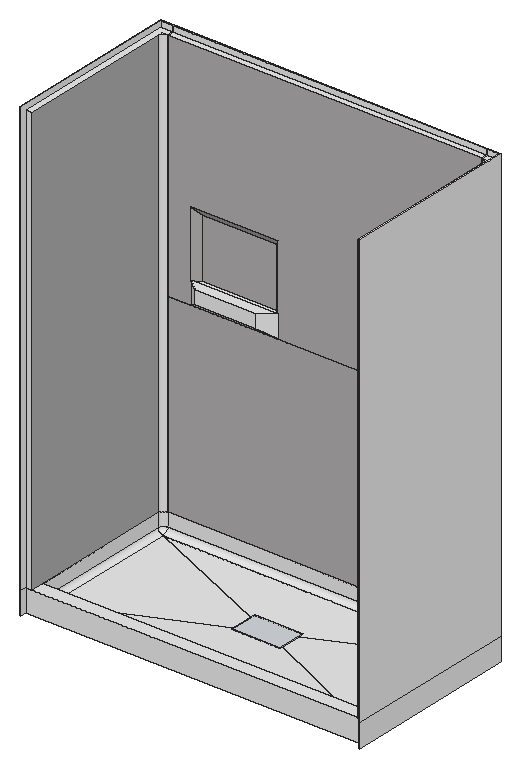
Revit family "5LRS6030SQ.V2", category Plumbing Fixtures, Revit 2019
Family settings
  Round Connector Dimension = Use Diameter
  Part Type = Normal
  OmniClass Number = 23.45.05.14.17
  OmniClass Title = Showers
  Work Plane-Based = No
  Always vertical = Yes
  Cut with Voids When Loaded = No
  Shared = No
  Room Calculation Point = No
Parameters (values of type "5LRS6030SQ.V2")
  Unit Width = 60"
  Unit Height = 80 1/2"
  Unit Depth = 31"
  URL = "http://www.bestbath.com/"
  Type Comments = "Remodeler"
  Model = "5LRS6030SQ.V2"
  Material [instance] = Best Bath Gelcoat Fiberglass - Diamond Tile
  Manufacturer = "Best Bath Systems, Inc."
  Keynote = "22 40 00.B3"
  Description = "Real Tile Finish"
  Assembly Code = "D2010710"
Reference planes (in)
  plane 1 "Back": y = -0.5
  plane 2: z = 0
  plane 3 "Left": x = 0
  plane 4: x = 60
  plane 5: y = -30.5
  plane 6: z = 79.5
  plane 7: z = 0.75
  plane 8: z = 80.5
  plane 9: x = 30
  plane 10: y = -1.75
  plane 11: y = -14.5
  plane 12: z = 0.375
  plane 13: z = 4
  plane 14: z = 38.25
  plane 15: y = -31.5
  plane 16: z = 42.25
Forms (in)
  Extrusion 1, solid, material "Best Bath Gelcoat Fiberglass - Smooth"
    sketch origin (0, 0, 0) x (1, 0, 0) y (0, 1, 0)
      loop
        line (0, -0.5) -> (0, -30.5) -> (60, -30.5) -> (60, -0.5) -> (0, -0.5)
    from 0 to 0.75
  Extrusion 2, solid, material "Best Bath Gelcoat Fiberglass - Smooth"
    sketch origin (0, 0, 0) x (1, 0, 0) y (0, 1, 0)
      loop
        line (1.25, -0.5) -> (1.25, -1.75) -> (57.75, -1.75) -> (57.75, -0.5) -> (1.25, -0.5)
    from 4 to 38.25
  Extrusion 3, solid, material "Best Bath Gelcoat Fiberglass - Smooth"
    sketch origin (0, 0, 0) x (1, 0, 0) y (0, 1, 0)
      loop
        line (0, -30.5) -> (1.25, -30.5) -> (1.25, -2.75)
        arc (1.25, -2.75) -> (1.54289, -2.04289) -> (2.25, -1.75) r 1
        line (2.25, -1.75) -> (57.75, -1.75)
        arc (57.75, -1.75) -> (58.45711, -2.04289) -> (58.75, -2.75) r 1
        line (58.75, -2.75) -> (58.75, -30.5) -> (60, -30.5) -> (60, -0.5) -> (0, -0.5) -> (0, -30.5)
    from 0 to 4
  Extrusion 4, solid, material "Best Bath Gelcoat Fiberglass - Smooth"
    sketch origin (0, 0, 0) x (1, 0, 0) y (0, 1, 0)
      loop
        line (0, -30.5) -> (1.25, -30.5) -> (1.25, -2.75)
        arc (1.25, -2.75) -> (1.54289, -2.04289) -> (2.25, -1.75) r 1
        line (2.25, -1.75) -> (2.25, -0.5) -> (0, -0.5) -> (0, -30.5)
      loop
        line (58.75, -30.5) -> (60, -30.5) -> (60, -0.5) -> (57.75, -0.5) -> (57.75, -1.75)
        arc (57.75, -1.75) -> (58.45711, -2.04289) -> (58.75, -2.75) r 1
        line (58.75, -2.75) -> (58.75, -30.5)
    from 4 to 79.5
  Sweep 5, solid, material "Best Bath Gelcoat Fiberglass - Smooth"
    path origin (0, 0, 0) x (1, 0, 0) y (0, 1, 0)
      loop
        line (1.25, -30.5) -> (1.25, -2.75)
        arc (1.25, -2.75) -> (1.54289, -2.04289) -> (2.25, -1.75) r 1
        line (2.25, -1.75) -> (57.75, -1.75)
        arc (57.75, -1.75) -> (58.45711, -2.04289) -> (58.75, -2.75) r 1
        line (58.75, -2.75) -> (58.75, -30.5)
    profile origin (1.25, -16.625, 0) x (-1, 0, 0) y (0, 0, 1)
      loop
        line (0, 0.75) -> (0, 1.7)
        arc (0, 1.7) -> (-0.27825, 1.02825) -> (-0.95, 0.75) r 0.95
        line (-0.95, 0.75) -> (0, 0.75)
  Blend 6, void
    base sketch origin (0, 0, 0) x (1, 0, 0) y (0, 1, 0)
      loop
        line (2.25, -27.5) -> (57.75, -27.5) -> (57.75, -2.75) -> (2.25, -2.75) -> (2.25, -27.5)
    top sketch origin (0, 0, 0) x (1, 0, 0) y (0, 1, 0)
      loop
        circle (30, -14.5) r 0.07155
    from 0.75 to 0.375
  Extrusion 7, solid, material "Best Bath Gelcoat Fiberglass - Smooth"
    sketch origin (0, 0, 0) x (1, 0, 0) y (0, 1, 0)
      loop
        line (1.25, -0.5) -> (1.25, -1.75) -> (57.75, -1.75) -> (57.75, -0.5) -> (1.25, -0.5)
    from 38.25 to 79.5
  Sweep 8, solid, material "Best Bath Gelcoat Fiberglass - Smooth"
    path origin (0, 0, 0) x (1, 0, 0) y (0, 1, 0)
      loop
        line (1.25, -30.5) -> (58.75, -30.5)
    profile origin (30, -30.5, 0) x (0, 1, 0) y (0, 0, 1)
      loop
        line (0, 0) -> (3.15, 0) -> (2.35, 4) -> (0, 4) -> (0, 0)
  Extrusion 9, solid, material "Best Bath Gelcoat Fiberglass - Smooth"
    sketch origin (0, 0, 0) x (1, 0, 0) y (0, 1, 0)
      loop
        line (0, -30.5) -> (0, -31.5) -> (0.125, -31.5) -> (0.125, -30.5) -> (0, -30.5)
      loop
        line (60, -30.5) -> (59.875, -30.5) -> (59.875, -31.5) -> (60, -31.5) -> (60, -30.5)
    from 0 to 4
  Extrusion 10, solid, material "Best Bath Gelcoat Fiberglass - Smooth"
    sketch origin (0, 0, 0) x (1, 0, 0) y (0, 1, 0)
      loop
        line (2.25, -0.5) -> (2.25, -0.625) -> (57.75, -0.625) -> (57.75, -0.5) -> (2.25, -0.5)
    from 79.5 to 80.5
  Extrusion 11, solid, material "Best Bath Gelcoat Fiberglass - Smooth"
    sketch origin (0, 0, 0) x (1, 0, 0) y (0, 1, 0)
      loop
        line (0, -31.5) -> (0.125, -31.5) -> (0.125, -0.625) -> (2.25, -0.625) -> (2.25, -0.5) -> (0, -0.5) -> (0, -31.5)
      loop
        line (60, -31.5) -> (60, -0.5) -> (57.75, -0.5) -> (57.75, -0.625) -> (59.875, -0.625) -> (59.875, -31.5) -> (60, -31.5)
    from 4 to 80.5
  Blend 12, void
    base sketch origin (59.5, -38.5, 0.25) x (-1, 0, 0) y (0, 0, -1)
      loop
        line (37.75, -41.75) -> (37.75, -53.5) -> (53.25, -53.5) -> (53.25, -41.75) -> (37.75, -41.75)
    top sketch origin (59.5, -38.5, 0.25) x (-1, 0, 0) y (0, 0, -1)
      loop
        line (39, -41.75) -> (39, -52.25) -> (52, -52.25) -> (52, -41.75) -> (39, -41.75)
    from -36.75 to -37.75
  Blend 13, solid, material "Best Bath Gelcoat Fiberglass - Smooth"
    base sketch origin (59.5, -38, 0.5) x (-1, 0, 0) y (0, 0, -1)
      loop
        line (53.25, -41.75) -> (53.25, -37.75) -> (37.75, -37.75) -> (37.75, -41.75) -> (53.25, -41.75)
    top sketch origin (59.5, -38, 0.5) x (-1, 0, 0) y (0, 0, -1)
      loop
        line (40.125, -41.75) -> (50.875, -41.75) -> (50.875, -39.375) -> (40.125, -39.375) -> (40.125, -41.75)
    from -36.25 to -34.25
  Blend 14, void
    base sketch origin (0.5, -38.5, 0.25) x (1, 0, 0) y (0, 0, 1)
      loop
        line (37.75, 41.75) -> (53.25, 41.75) -> (53.25, 53.5) -> (37.75, 53.5) -> (37.75, 41.75)
    top sketch origin (0.5, -38.5, 0.25) x (1, 0, 0) y (0, 0, 1)
      loop
        line (39, 41.75) -> (52, 41.75) -> (52, 52.25) -> (39, 52.25) -> (39, 41.75)
    from -36.75 to -37.75
  Blend 15, solid, material "Best Bath Gelcoat Fiberglass - Smooth"
    base sketch origin (0.5, -38, 0.5) x (1, 0, 0) y (0, 0, 1)
      loop
        line (53.25, 41.75) -> (37.75, 41.75) -> (37.75, 37.75) -> (53.25, 37.75) -> (53.25, 41.75)
    top sketch origin (0.5, -38, 0.5) x (1, 0, 0) y (0, 0, 1)
      loop
        line (40.125, 41.75) -> (40.125, 39.375) -> (50.875, 39.375) -> (50.875, 41.75) -> (40.125, 41.75)
    from -36.25 to -34.25
  Extrusion 16, void
    sketch origin (0, 0, 0.75) x (0, 1, 0) y (1, 0, 0)
      loop
        line (-12, 25.75) -> (-12, 34.25) -> (-17, 34.25) -> (-17, 25.75) -> (-12, 25.75)
    from 0 to 0.5
  Extrusion 17, void
    sketch origin (0, 0, 0.75) x (0, 1, 0) y (1, 0, 0)
      loop
        circle (-14.5, 30) r 1.25
    from 0 to 1
  Extrusion 18, solid
    sketch origin (0, 0, 0.25) x (0, 1, 0) y (-1, 0, 0)
      loop
        line (-12, -25.75) -> (-17, -25.75) -> (-17, -34.25) -> (-12, -34.25) -> (-12, -25.75)
    from 0 to 0.25
Cuts and joins
  Blend 6, Extrusion 16, Extrusion 17 cuts Extrusion 1
  Blend 6, Extrusion 16, Extrusion 17 cuts Extrusion 3
  Blend 6, Extrusion 16, Extrusion 17 cuts Sweep 5
  Extrusion 16, Extrusion 17 cuts Sweep 8
  Extrusion 16, Extrusion 17 cuts Extrusion 9
  joined: Extrusion 1, Extrusion 3, Sweep 5, Sweep 8, Extrusion 9
  Blend 12, Blend 14 cuts Extrusion 7
  Blend 12, Blend 14 cuts Extrusion 10
  Blend 14 cuts Blend 13
  joined: Extrusion 7, Extrusion 10, Blend 13
  joined: Extrusion 4, Extrusion 11
Dimensions and locks (in)
  "Unit Width": plane 3 "Left" to plane 4
  locked: plane 7 to level at 0.75
  locked: plane 8 to plane 6 at 1
  "Unit Height": plane 8 to level
  plane 3 "Left" to plane 9 to plane 4 = 30", 30"
  locked: plane 1 "Back" to plane 11 at 14
  plane 10 to plane 1 "Back" = 1 1/4"
  locked: plane 7 to plane 12 at 0.375
  locked: plane 14 to plane 13 at 34.25
  locked: plane 13 to level at 4
  locked: plane 5 to plane 15 at 1
  "Unit Depth": plane 15 to plane 1 "Back"
  locked: plane 16 to plane 13 at 38.25
  aligned and locked: level to plane 2
  aligned and locked: Extrusion 1 to plane 7
  aligned and locked: plane 5 to Extrusion 1 sketch curve
  aligned and locked: plane 4 to Extrusion 1 sketch curve
  aligned and locked: Extrusion 2 sketch curve to Extrusion 1
  aligned and locked: Extrusion 2 sketch curve to plane 10
  aligned and locked: plane 13 to Extrusion 3
  aligned and locked: Extrusion 2 to plane 13
  aligned and locked: Extrusion 4 to Extrusion 2
  aligned and locked: plane 6 to Extrusion 4
  aligned and locked: Sweep 5 sketch curve to plane 7
  aligned and locked: plane 11 to Blend 6 sketch curve
  aligned and locked: plane 9 to Blend 6 sketch curve
  aligned and locked: Blend 6 to plane 12
  aligned and locked: Extrusion 1 to Blend 6
  aligned and locked: plane 14 to Extrusion 2
  aligned and locked: Extrusion 7 to Extrusion 2  (x2)
  aligned and locked: plane 6 to Extrusion 7
  aligned and locked: Extrusion 9 to Extrusion 2
  aligned and locked: plane 8 to Extrusion 10
  aligned and locked: Extrusion 10 to plane 6
  aligned and locked: Extrusion 11 to Extrusion 2
  aligned and locked: plane 8 to Extrusion 11
  aligned and locked: Extrusion 7 to cut or joined group of Extrusion 1, Extrusion 3, Sweep 5, Blend 6, Sweep 8, Extrusion 9, Extrusion 16, Extrusion 17
  aligned and locked: Extrusion 2 to cut or joined group of Extrusion 1, Extrusion 3, Sweep 5, Blend 6, Sweep 8, Extrusion 9, Extrusion 16, Extrusion 17
  aligned and locked: Extrusion 2 to cut or joined group of Extrusion 4, Extrusion 11
  aligned and locked: Extrusion 3 to Sweep 5
Automatic sketch dimensions
  Extrusion 3 sketch curve to plane 3 "Left" = 0"
  Extrusion 3 sketch curve to plane 5 = 0"  (x2)
  Extrusion 3 sketch curve to plane 10 = 0"
  plane 1 "Back" to Extrusion 3 sketch curve = 0"
  Extrusion 3 sketch curve to plane 4 = 0"
  plane 3 "Left" to Extrusion 3 sketch curve = 1 1/4"
  Extrusion 3 sketch curve to plane 10 = 1"
  plane 4 to Extrusion 3 sketch curve = 2 1/4"
  plane 4 to Extrusion 3 sketch curve = 1 1/4"
  Sweep 5 sketch curve to plane 5 = 0"  (x2)
  Sweep 5 sketch curve to plane 10 = 0"
  plane 3 "Left" to Sweep 5 sketch curve = 1 1/4"
  Sweep 5 sketch curve to Sweep 5 sketch curve = 1"
  Sweep 5 sketch curve to plane 10 = 1"
  plane 4 to Sweep 5 sketch curve = 2 1/4"
  Sweep 5 sketch curve to profile plane = 0"
  profile plane to Sweep 5 sketch curve = 0.95"
  Blend 6 sketch curve to plane 10 = 1"
  plane 3 "Left" to Blend 6 sketch curve = 2 1/4"
  plane 4 to Blend 6 sketch curve = 2 1/4"
  plane 5 to Blend 6 sketch curve = 3"
  plane 1 "Back" to Extrusion 7 sketch curve = 0"
  Extrusion 7 sketch curve to plane 10 = 0"
  plane 3 "Left" to Extrusion 7 sketch curve = 1 1/4"
  plane 4 to Extrusion 7 sketch curve = 2 1/4"
  Sweep 8 sketch curve to plane 5 = 0"
  plane 3 "Left" to Sweep 8 sketch curve = 1 1/4"
  plane 4 to Sweep 8 sketch curve = 1 1/4"
  Extrusion 9 sketch curve to plane 3 "Left" = 0"
  Extrusion 9 sketch curve to plane 15 = 0"  (x2)
  Extrusion 9 sketch curve to plane 5 = 0"  (x2)
  Extrusion 9 sketch curve to plane 4 = 0"
  plane 3 "Left" to Extrusion 9 sketch curve = 1/8"
  Extrusion 9 sketch curve to Extrusion 9 sketch curve = 1/8"
  plane 1 "Back" to Extrusion 10 sketch curve = 0"
  plane 1 "Back" to Extrusion 10 sketch curve = 1/8"
  plane 3 "Left" to Extrusion 10 sketch curve = 2 1/4"
  plane 4 to Extrusion 10 sketch curve = 2 1/4"
  Extrusion 11 sketch curve to plane 3 "Left" = 0"
  Extrusion 11 sketch curve to plane 15 = 0"  (x2)
  plane 1 "Back" to Extrusion 11 sketch curve = 0"  (x2)
  Extrusion 11 sketch curve to plane 4 = 0"
  plane 3 "Left" to Extrusion 11 sketch curve = 1/8"
  plane 1 "Back" to Extrusion 11 sketch curve = 1/8"  (x2)
  Extrusion 11 sketch curve to Extrusion 11 sketch curve = 2 1/8"
  Extrusion 11 sketch curve to Extrusion 11 sketch curve = 2 1/4"
  Extrusion 11 sketch curve to Extrusion 11 sketch curve = 1/8"
  Blend 12 sketch curve to plane 16 = 1/4"  (x2)
  plane 9 to Blend 12 sketch curve = 8 1/4"
  plane 3 "Left" to Blend 12 sketch curve = 6 1/4"
  plane 16 to Blend 12 sketch curve = 11 1/2"
  plane 9 to Blend 12 sketch curve = 9 1/2"
  plane 3 "Left" to Blend 12 sketch curve = 7 1/2"
  plane 16 to Blend 12 sketch curve = 10 1/4"
  Blend 13 sketch curve to plane 16 = 0"  (x2)
  Blend 13 sketch curve to plane 14 = 0"
  plane 9 to Blend 13 sketch curve = 8 1/4"
  plane 3 "Left" to Blend 13 sketch curve = 6 1/4"
  plane 14 to Blend 13 sketch curve = 1 5/8"
  plane 9 to Blend 13 sketch curve = 10 5/8"
  plane 3 "Left" to Blend 13 sketch curve = 8 5/8"
  Blend 14 sketch curve to plane 16 = 1/4"  (x2)
  Blend 14 sketch curve to plane 9 = 8 1/4"
  plane 4 to Blend 14 sketch curve = 6 1/4"
  plane 16 to Blend 14 sketch curve = 11 1/2"
  Blend 14 sketch curve to plane 9 = 9 1/2"
  plane 4 to Blend 14 sketch curve = 7 1/2"
  plane 16 to Blend 14 sketch curve = 10 1/4"
  Blend 15 sketch curve to plane 16 = 0"  (x2)
  Blend 15 sketch curve to plane 14 = 0"
  Blend 15 sketch curve to plane 9 = 8 1/4"
  plane 4 to Blend 15 sketch curve = 6 1/4"
  plane 14 to Blend 15 sketch curve = 1 5/8"
  Blend 15 sketch curve to plane 9 = 10 5/8"
  plane 4 to Blend 15 sketch curve = 8 5/8"
  Sweep 8 sketch curve to profile plane = 0"  (x2)
  Sweep 8 sketch curve to profile plane = 2.35"
  Sweep 8 sketch curve to profile plane = 3.15"
  profile plane to Sweep 8 sketch curve = 4"
  Extrusion 1 sketch curve to plane 3 "Left" = 0"
  plane 1 "Back" to Extrusion 1 sketch curve = 0"
  Extrusion 16 sketch curve to Extrusion 1 = 25 3/4"
  Extrusion 16 sketch curve to Extrusion 16 sketch curve = 8 1/2"
  Extrusion 16 sketch curve to Extrusion 1 = 13 1/2"
  Extrusion 16 sketch curve to Extrusion 16 sketch curve = 5"
  Extrusion 17 sketch curve to Extrusion 1 = 14"
  Extrusion 17 sketch curve to Extrusion 1 = 30"
  Extrusion 18 sketch curve to Extrusion 16 = 0"  (x4)
  plane 3 "Left" to Extrusion 2 sketch curve = 1 1/4"
  plane 4 to Extrusion 2 sketch curve = 2 1/4"
  plane 1 "Back" to Extrusion 4 sketch curve = 0"  (x2)
  Extrusion 4 sketch curve to plane 3 "Left" = 0"
  Extrusion 4 sketch curve to plane 5 = 0"  (x2)
  Extrusion 4 sketch curve to plane 10 = 0"  (x2)
  Extrusion 4 sketch curve to plane 4 = 0"
  plane 3 "Left" to Extrusion 4 sketch curve = 1 1/4"
  Extrusion 4 sketch curve to plane 10 = 1"  (x2)
  plane 4 to Extrusion 4 sketch curve = 2 1/4"
  radius of Blend 6 sketch curve = 0.07155"
  radius of Extrusion 17 sketch curve = 1 1/4"
